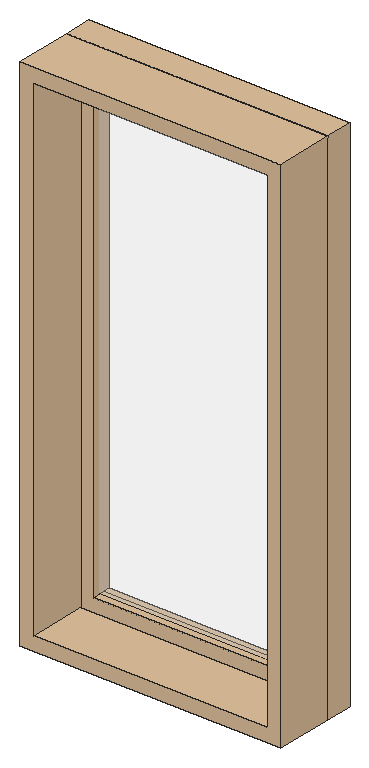
Revit family
Parameters (values of type "0610 x 1220mm")
  Frame Exterior Material = Sash
  Frame Interior Material = Sash
  Glass Pane Material = Glass
  Height = 1220 mm
  Sash = Sash
  Default Sill Height = 915 mm
  Wall Closure = (empty or 0)
  Width = 610 mm
  Window Inset = 19 mm
Types (10, lengths in mm): name | Height | Default Sill Height | Width
  (no name) | 1220 | 915 | 610
  0406 x 0610mm | 610 | 915 | 406
  0406 x 1220mm | 1220 | 915 | 406
  0610 x 0610mm | 610 | 915 | 610
  0610 x 1220mm | 1220 | 915 | 610
  0915 x 0610mm | 610 | 915 | 915
  0915 x 1220mm | 1220 | 915 | 915
  0406 x 1830mm | 1830 | 305 | 406
  0610 x 1830mm | 1830 | 305 | 610
  0915 x 1830mm | 1830 | 305 | 915
Reference planes
  plane 1: y = 0
  plane 2 "Center": x = 0
  plane 3 "Left": x = -305
  plane 4 "Right": x = 305
  plane 5 "Sill": z = 915
  plane 6 "Head": z = 2135
  plane 7: x = -286
  plane 8: x = 286
  plane 9: x = -273
  plane 10: x = 273
  plane 11: z = 2116
  plane 12: z = 2103
  plane 13: z = 947
  plane 14 "Closure": y = 66
Forms (mm)
  Extrusion 1, solid, material "Sash" <- "Frame Interior Material"
    sketch origin (0, 0, 0) x (-1, 0, 0) y (0, 0, 1)
      loop
        line (-305, 2135) -> (-305, 915) -> (305, 915) -> (305, 2135) -> (-305, 2135)
      loop
        line (-273, 2103) -> (-273, 947) -> (273, 947) -> (273, 2103) -> (-273, 2103)
    from -87 to 50
  Extrusion 2, solid, material "Sash" <- "Frame Exterior Material"
    sketch origin (0, 0, 0) x (-1, 0, 0) y (0, 0, 1)
      loop
        line (-305, 2135) -> (-305, 915) -> (305, 915) -> (305, 2135) -> (-305, 2135)
      loop
        line (-286, 2116) -> (-286, 934) -> (286, 934) -> (286, 2116) -> (-286, 2116)
    from 50 to 113
  Extrusion 3, solid, material "Sash" <- "Sash"
    sketch origin (0, 0, 0) x (-1, 0, 0) y (0, 0, 1)
      loop
        line (-286, 2116) -> (-286, 934) -> (286, 934) -> (286, 2116) -> (-286, 2116)
      loop
        line (-242, 2072) -> (-242, 978) -> (242, 978) -> (242, 2072) -> (-242, 2072)
    from 50 to 94
  Extrusion 4, solid, material "Glass" <- "Glass Pane Material"
    sketch origin (0, 0, 0) x (-1, 0, 0) y (0, 0, 1)
      loop
        line (-242, 2072) -> (-242, 978) -> (242, 978) -> (242, 2072) -> (-242, 2072)
    from 66 to 78
Lines and regions (mm)
  Opening 1
    outline origin (3500, -87, 0) x (1, 0, 0) y (0, 0, 1)
      loop
        line (-3195, 915) -> (-3195, 2135) -> (-3805, 2135) -> (-3805, 915) -> (-3195, 915)
  symbolic lines, style "WindowsFrameMullionProjection"
    curve 1: line (-305, 113, 0) -> (-286, 113, 0)
    curve 2: line (-305, -87, 0) -> (-273, -87, 0)
    curve 3: line (-286, 94, 0) -> (-242, 94, 0)
    curve 4: line (-286, 50, 0) -> (-242, 50, 0)
    curve 5: line (-286, 113, 0) -> (-286, 50, 0)
    curve 6: line (-242, 94, 0) -> (-242, 50, 0)
    curve 7: line (-273, 50, 0) -> (-273, -87, 0)
    curve 8: line (303.878, 113, 0) -> (286, 113, 0)
    curve 9: line (286, 113, 0) -> (286, 50, 0)
    curve 10: line (286, 94, 0) -> (242, 94, 0)
    curve 11: line (242, 94, 0) -> (242, 50, 0)
    curve 12: line (242, 50, 0) -> (286, 50, 0)
    curve 13: line (305, -87, 0) -> (273, -87, 0)
    curve 14: line (273, 50, 0) -> (273, -87, 0)
  symbolic lines, style "WindowsGlassProjection"
    curve 15: line (-242, 72, 0) -> (242, 72, 0)
Text (mm)
  text "EXTERIOR" at (-1394.263, 836.427, 0), in view "Floor Line"
  text "INTERIOR" at (-1394.263, -535.979, 0), in view "Floor Line"
  text "Exterior" at (0, 314.263, 3273.967), in view "Right"
  text "Exterior" at (0, 999.457, 3063.296), in view "Left"
Dimensions and locks
  equal spacing: plane 3 "Left", plane 2 "Center", plane 4 "Right"
  "Width": plane 3 "Left" to plane 4 "Right"
  "Height": plane 5 "Sill" to plane 6 "Head"
  "Default Sill Height": plane 5 "Sill" to level
  "Window Inset": host wall to Extrusion 3
  locked: Extrusion 3 to Extrusion 3 at 44
  locked: Extrusion 3 to Extrusion 4 at 16
  locked: Extrusion 4 to Extrusion 4 at 12
  locked: Extrusion 1 sketch curve to Extrusion 1 sketch curve at 32  (x2)
  locked: plane 3 "Left" to plane 7 at 19
  locked: plane 8 to plane 4 "Right" at 19
  locked: plane 10 to plane 4 "Right" at 32
  locked: plane 3 "Left" to plane 9 at 32
  locked: plane 11 to plane 6 "Head" at 19
  locked: plane 6 "Head" to plane 12 at 32
  locked: plane 13 to plane 5 "Sill" at 32
  locked: plane 14 "Closure" to host wall at 47
  aligned and locked: host wall to Extrusion 1
  aligned and locked: host wall to Extrusion 2
  aligned and locked: Extrusion 3 sketch curve to Extrusion 2  (x4)
  aligned and locked: Extrusion 3 to Extrusion 1
  aligned and locked: Extrusion 2 to Extrusion 1
  aligned and locked: Extrusion 4 sketch curve to Extrusion 3  (x4)
  aligned and locked: curve 1 to Extrusion 2  (x2)
  aligned and locked: Extrusion 1 to curve 2
  aligned and locked: curve 3 to Extrusion 3
  aligned and locked: curve 4 to Extrusion 2  (x2)
  aligned and locked: curve 5 to Extrusion 2
  aligned and locked: curve 6 to Extrusion 3
  aligned and locked: curve 7 to Extrusion 1
  aligned and locked: Extrusion 2 to curve 9
  aligned and locked: curve 10 to Extrusion 3
  aligned and locked: curve 11 to Extrusion 3
  aligned and locked: Extrusion 3 to curve 12
  aligned and locked: curve 13 to Extrusion 1  (x2)
  aligned and locked: curve 14 to Extrusion 1
  aligned and locked: Extrusion 2 to curve 8
Automatic sketch dimensions
  Extrusion 1 sketch curve to plane 5 "Sill" = 32 mm
  plane 6 "Head" to Extrusion 1 sketch curve = 32 mm
  plane 4 "Right" to Extrusion 2 sketch curve = 19 mm
  Extrusion 2 sketch curve to Extrusion 2 sketch curve = 19 mm
  Extrusion 2 sketch curve to plane 5 "Sill" = 19 mm
  plane 6 "Head" to Extrusion 2 sketch curve = 19 mm
  Extrusion 3 sketch curve to Extrusion 3 sketch curve = 44 mm
  Extrusion 3 sketch curve to plane 3 "Left" = 63 mm
  Extrusion 3 sketch curve to plane 5 "Sill" = 63 mm
  plane 6 "Head" to Extrusion 3 sketch curve = 63 mm
  Extrusion 1 sketch curve to plane 4 "Right" = 0 mm
  Extrusion 1 sketch curve to plane 3 "Left" = 0 mm
  Extrusion 1 sketch curve to plane 5 "Sill" = 0 mm
  Extrusion 1 sketch curve to plane 6 "Head" = 0 mm
  Extrusion 2 sketch curve to plane 4 "Right" = 0 mm
  Extrusion 2 sketch curve to plane 3 "Left" = 0 mm
  Extrusion 2 sketch curve to plane 5 "Sill" = 0 mm
  Extrusion 2 sketch curve to plane 6 "Head" = 0 mm
  plane 4 "Right" to curve 8 = 1.122 mm
  curve 15 to curve 3 = 22 mm
  curve 2 to host wall = 0 mm
  Opening 1 sketch curve to plane 3 "Left" = 0 mm
  Opening 1 sketch curve to plane 4 "Right" = 0 mm
  Opening 1 sketch curve to plane 5 "Sill" = 0 mm
  Opening 1 sketch curve to plane 6 "Head" = 0 mm
